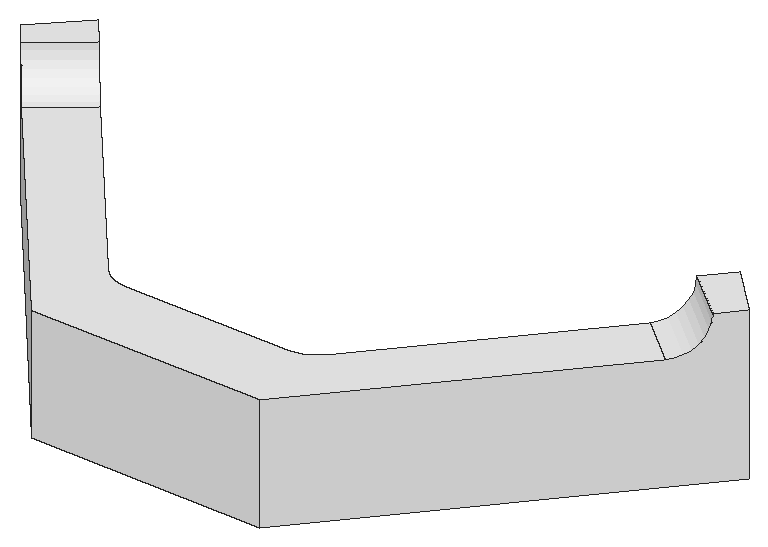
Revit family "DR6055551_Percha simple", category Furniture, host Wall, Revit 2019
Family settings
  Host = Wall
  OmniClass Number = 23.31.25.19
  OmniClass Title = Restroom Paper Towel Accessories
  Always vertical = Yes
  Cut with Voids When Loaded = No
  Shared = No
  Room Calculation Point = No
Parameters (values of type "Type 1")
  URL = "https://corona.co/productos/accesorios/kit-de-accesorios/kit-por-6-accesorios-draa/p/DR6065551"
  Resistencia a cargas o peso máximo = "9 kg. (19,84 lb.)"  # constant formula
  Referencia = "DR6055551"  # constant formula
  Profundidad = 45 mm  # constant formula
  Peso Neto aprox = " 420 gr."  # constant formula
  Peso Bruto aprox = "4,8 kg. - 10,58 lb."  # constant formula
  Material = Corona_Cromado
  Manufacturer = "Corona"  # constant formula
  Garantía Acabados = "5 Años"  # constant formula
  Garantía = "30 Años"  # constant formula
  Fecha de creación = "11/08/2020"  # constant formula
  Description = "Adquiere estos accesorios que reflejan las últimas tendencias de diseño y se conviernten en el mejor complemento para tu baño. ¡Todo lo que necitabas está aquí!"  # constant formula
  Creado por = "IDD"  # constant formula
  Ancho = 96 mm  # constant formula
  Altura = 900 mm
  Alto = 20 mm  # constant formula
Reference planes
  plane 1 "Wall": y = 0
  plane 2 "Center (Left/Right)": x = 125
  plane 3 "Back": y = 75
  plane 4: z = 900
  plane 5: x = 173
  plane 6: x = 77
  plane 7: z = 910
  plane 8: z = 890
  plane 9: y = 120
Text (mm)
  text "Placement Side" at (-1848.837, 1116.779, 0), in view "Ref. Level"
  text "Placement side" at (0, 1409.804, 2854.306), in view "Left"
  text "Placement side" at (0, 499.811, 2980.732), in view "Right"
Dimensions and locks
  locked: plane 3 "Back" to host wall
  equal spacing: plane 8, plane 4, plane 7
  "Alto": plane 8 to plane 7
  equal spacing: plane 6, plane 2 "Center (Left/Right)", plane 5
  "Ancho": plane 6 to plane 5
  "Profundidad": plane 9 to host wall
  plane 4 to plane 8 = 10 mm
  "Altura": plane 4 to level
  aligned and locked: plane 1 "Wall" to host wall
  aligned and locked: nested 1 to plane 7
  aligned and locked: plane 7 to nested 2
  aligned and locked: plane 6 to nested 2
  aligned and locked: nested 3 to plane 5
  aligned and locked: nested 3 to host wall
  aligned and locked: nested 4 to plane 7
  aligned and locked: nested 4 to plane 5
  aligned and locked: host wall to nested 2
Nested families
  nested 1: "Lateral" at (125, 75, 890) x (0, -1, 0) z (1, 0, 0), type "Lateral"
  nested 2: "Percha Simple" at (173, 97.5, 890) x (-1, 0, 0) z (0, 0, 1), type "Percha Simple"
  nested 3: "Planta" at (173, 75, 0) x (-1, 0, 0) z (0, 0, 1), type "Planta"
  nested 4: "Frontal" at (173, 0, 890) x (-1, 0, 0) z (0, -1, 0), type "Frontal"
Definition of nested family "Percha Simple"
  Parameters (values of type "Toallero Argolla")
    Profundidad = 45 mm
    Material = none
    Ancho = 96 mm
    Alto = 20 mm
  Reference planes
    plane 1 "Center (Front/Back)": y = 0
    plane 2: z = 0
    plane 3 "Center (Left/Right)": x = 0
    plane 4: x = 96
    plane 5: y = 22.5
    plane 6: y = -22.5
    plane 7: z = 20
  Forms (mm)
    Extrusion 1, solid, material <- "Material", detail levels coarse
      sketch origin (0, 0, 0) x (1, 0, 0) y (0, 0, 1)
        loop
          line (96, 0) -> (96, 20) -> (0, 20) -> (0, 0) -> (96, 0)
      from -22.5 to 22.5
    Extrusion 2, solid, material <- "Material", detail levels medium+fine
      sketch origin (0, 0, 0) x (1, 0, 0) y (0, 1, 0)
        loop
          line (33, 22.5) -> (0, -16.843) -> (5.679, -22.522) -> (33.555, 10.713)
          arc (33.555, 10.713) -> (35.272, 12.031) -> (37.386, 12.5) r 5
          line (37.386, 12.5) -> (58.614, 12.5)
          arc (58.614, 12.5) -> (60.728, 12.031) -> (62.445, 10.713) r 5
          line (62.445, 10.713) -> (90.321, -22.522) -> (96, -16.843) -> (63, 22.5) -> (33, 22.5)
      from 0 to 20
    Extrusion 3, void
      sketch origin (40.72, 19.255, 0) x (0.642641, 0.766167, 0) y (0, 0, -1)
        loop
          line (-50.052, -20) -> (-45.102, -20) -> (-45.102, -15.05)
          arc (-45.102, -15.05) -> (-48.602, -16.5) -> (-50.052, -20) r 4.95
      from 0 to 8
    Extrusion 4, void
      sketch origin (55.28, 19.255, 0) x (-0.642641, 0.766167, 0) y (0, 0, 1)
        loop
          arc (-50.052, 20) -> (-48.602, 16.5) -> (-45.102, 15.05) r 4.95
          line (-45.102, 15.05) -> (-45.102, 20) -> (-50.052, 20)
      from 0 to 8
    Extrusion 5, void
      sketch origin (0, 0, 0) x (1, 0, 0) y (0, 1, 0)
        loop
          line (33, 22.5) -> (5.606, -10.16) -> (11.735, -15.301) -> (33.555, 10.713)
          arc (33.555, 10.713) -> (35.272, 12.031) -> (37.386, 12.5) r 5
          line (37.386, 12.5) -> (58.614, 12.5)
          arc (58.614, 12.5) -> (60.728, 12.031) -> (62.445, 10.713) r 5
          line (62.445, 10.713) -> (84.265, -15.301) -> (90.394, -10.16) -> (63, 22.5) -> (33, 22.5)
      from 15.05 to 250
  Cuts and joins
    Extrusion 3, Extrusion 4, Extrusion 5 cuts Extrusion 2
  Dimensions and locks
    equal spacing: plane 5, plane 1 "Center (Front/Back)", plane 6
    "Profundidad": plane 5 to plane 6
    "Ancho": plane 3 "Center (Left/Right)" to plane 4
    "Alto": plane 7 to level
    aligned and locked: level to plane 2
    aligned and locked: level to Extrusion 1 sketch curve
    aligned and locked: plane 4 to Extrusion 1 sketch curve
    aligned and locked: Extrusion 1 sketch curve to plane 7
    aligned and locked: plane 3 "Center (Left/Right)" to Extrusion 1 sketch curve
    aligned and locked: plane 5 to Extrusion 1
    aligned and locked: Extrusion 1 to plane 6
    aligned and locked: plane 7 to Extrusion 2
    aligned and locked: Extrusion 5 sketch curve to cut or joined group of Extrusion 2, Extrusion 3, Extrusion 4, Extrusion 5
  Automatic sketch dimensions
    Extrusion 2 sketch curve to plane 3 "Center (Left/Right)" = 0 mm
    Extrusion 2 sketch curve to plane 5 = 0 mm
    Extrusion 2 sketch curve to plane 4 = 0 mm
    Extrusion 2 sketch curve to plane 6 = 0.022 mm  (x2)
    plane 3 "Center (Left/Right)" to Extrusion 2 sketch curve = 5.679 mm
    plane 3 "Center (Left/Right)" to Extrusion 2 sketch curve = 33 mm
    Extrusion 2 sketch curve to plane 1 "Center (Front/Back)" = 10.713 mm  (x2)
    Extrusion 2 sketch curve to Extrusion 2 sketch curve = 0.555 mm
    Extrusion 2 sketch curve to Extrusion 2 sketch curve = 3.831 mm  (x2)
    Extrusion 2 sketch curve to Extrusion 2 sketch curve = 21.228 mm
    Extrusion 2 sketch curve to Extrusion 2 sketch curve = 4.386 mm
    plane 4 to Extrusion 2 sketch curve = 5.679 mm
    plane 6 to Extrusion 2 sketch curve = 5.657 mm  (x2)
    Extrusion 2 sketch curve to Extrusion 2 sketch curve = 3.213 mm
    Extrusion 2 to Extrusion 3 sketch curve = 0 mm
    Extrusion 3 sketch curve to Extrusion 2 = 4.475 mm
    Extrusion 3 sketch curve to Extrusion 2 = 4.95 mm
    plane 7 to Extrusion 4 sketch curve = 0 mm
    Extrusion 4 sketch curve to plane 7 = 4.95 mm
    plane 3 "Center (Left/Right)" to Extrusion 5 sketch curve = 5.606 mm
    Extrusion 5 sketch curve to Extrusion 5 sketch curve = 3.831 mm  (x2)
    Extrusion 5 sketch curve to Extrusion 5 sketch curve = 3.213 mm
    Extrusion 5 sketch curve to Extrusion 5 sketch curve = 5 mm
    plane 6 to Extrusion 5 sketch curve = 7.199 mm
    plane 4 to Extrusion 5 sketch curve = 5.606 mm
    Extrusion 5 sketch curve to Extrusion 5 sketch curve = 4.386 mm  (x2)
    Extrusion 5 sketch curve to plane 5 = 0 mm
    plane 1 "Center (Front/Back)" to Extrusion 5 sketch curve = 15.301 mm
    Extrusion 5 sketch curve to Extrusion 5 sketch curve = 21.228 mm
Definition of nested family "Lateral"
  Reference planes
    plane 1 "Center (Front/Back)": y = 0
    plane 2: z = 0
    plane 3 "Center (Left/Right)": x = 0
    plane 4: y = 20
    plane 5: x = -45
  Lines and regions (mm)
    detail lines, in view "Ref. Level"
      curve 1: line (-45, 20, 0) -> (0, 20, 0)
      curve 2: line (-45, 0, 0) -> (-45, 20, 0)
      curve 3: line (0, 0, 0) -> (-45, 0, 0)
      curve 4: line (0, 20, 0) -> (0, 0, 0)
Definition of nested family "Planta"
  Reference planes
    plane 1 "Center (Front/Back)": y = 0
    plane 2: z = 0
    plane 3 "Center (Left/Right)": x = 0
    plane 4: x = 96
    plane 5: y = 45
  Lines and regions (mm)
    detail lines, in view "Ref. Level"
      curve 1: line (63, 0, 0) -> (33, 0, 0)
      curve 2: line (33, 0, 0) -> (-0.592, 37.308, 0)
      curve 3: line (-0.592, 37.308, 0) -> (7.081, 44.981, 0)
      curve 4: line (7.081, 44.981, 0) -> (34.162, 14.904, 0)
      curve 5: line (63, 0, 0) -> (96.592, 37.308, 0)
      curve 6: line (96.592, 37.308, 0) -> (88.919, 44.981, 0)
      curve 7: line (88.919, 44.981, 0) -> (61.838, 14.904, 0)
      curve 8: line (37.878, 13.25, 0) -> (58.122, 13.25, 0)
      curve 9: arc (34.162, 14.904, 0) -> (35.844, 13.682, 0) -> (37.878, 13.25, 0) r 5
      curve 10: arc (58.122, 13.25, 0) -> (60.156, 13.682, 0) -> (61.838, 14.904, 0) r 5
      curve 11: line (3.632, 32.617, 0) -> (11.305, 40.29, 0)
      curve 12: line (92.368, 32.617, 0) -> (84.695, 40.29, 0)
Definition of nested family "Frontal"
  Reference planes
    plane 1 "Center (Front/Back)": y = 0
    plane 2: z = 0
    plane 3 "Center (Left/Right)": x = 0
    plane 4: x = 96
    plane 5: y = 20
  Lines and regions (mm)
    detail lines, in view "Ref. Level"
      curve 1: line (96, 0, 0) -> (0, 0, 0)
      curve 2: line (96, 20, 0) -> (96, 0, 0)
      curve 3: line (0, 20, 0) -> (10, 20, 0)
      curve 4: line (0, 0, 0) -> (0, 20, 0)
      curve 5: line (81, 15, 0) -> (15, 15, 0)
      curve 6: line (86, 20, 0) -> (96, 20, 0)
      curve 7: arc (15, 15, 0) -> (11.464, 16.464, 0) -> (10, 20, 0) r 5
      curve 8: arc (81, 15, 0) -> (84.536, 16.464, 0) -> (86, 20, 0) r 5
      curve 9: line (8.119, 20, 0) -> (8.119, 0, 0)
      curve 10: line (87.881, 20, 0) -> (87.881, 0, 0)
      curve 11: line (33, 15, 0) -> (33, 0, 0)
      curve 12: line (63, 15, 0) -> (63, 0, 0)
